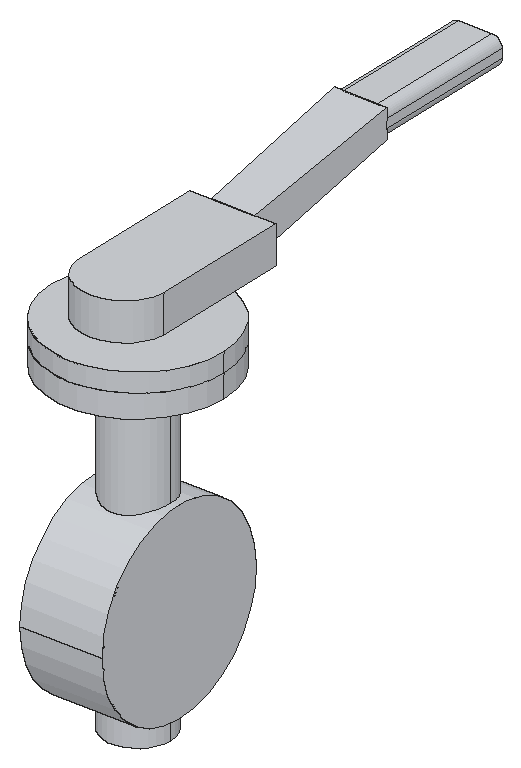
Revit family "HS497-68_disk-nerez_s pákou DN050-RFA_2018", category Pipe Accessories, Revit 2018
Family settings
  Round Connector Dimension = Use Diameter
  Part Type = Valve - Breaks Into
  Work Plane-Based = No
  Always vertical = Yes
  Cut with Voids When Loaded = No
  Shared = No
Parameters (values of type "HS 497-68_DN050_PN16_s pákou")
  magiProductId = "dabc632061f94877a994b9b4e68112"
  magiProductFamilyId = "53cea81e6f374d17b8841d9c72ad77"
  magiPartTypeId = 305
  isMeasuringValve [instance] = no
  ang2D [instance] = 0.00°
  X11 = 61.456 mm
  X1 = 25.456 mm
  W2D = 1000 mm
  VersionID = "2.0/2017.9.26.1/ZETKAMA_497_001"
  Use Minimum Symbol Size [instance] = yes
  URL = "http://www.hydronic.cz"
  Type Comments = "mezipřírubová; nerezový disk; PN16; -10~+110°C (krátkodobě +120°C)"
  SW30 = no
  SW3 = no
  SW21 = no
  SW20 = yes
  SW2 = yes
  SW1 = no
  R = 25 mm
  QmdConnectorList = "301;D;302;D"
  Productdata [instance] = ""
  NC = 50 mm
  Manufacturer = "Hydronic Systems Prague s.r.o."
  MM20 = 25.456 mm
  MC Product Code = "121 050 (nerezový disk, s pákou; DN50; PN16, kvs98)"
  M41 = 66 mm
  M4 = 44 mm
  LHL = 220 mm
  LHH3 = 2.45 mm
  LHH1 = 46.55 mm
  LH1 = 73.333 mm
  L4R__ve = -L4R  # -12.8 mm
  L4R = 12.8 mm
  L42__ve = -L42  # -96 mm
  L42 = 96 mm
  L41__ve = -L41  # -19.2 mm
  L41 = 19.2 mm
  L2D_Min = 3048 mm
  L2D = 216 mm
  L2 = 21.5 mm
  L1 = 34.4 mm
  L = 43 mm
  H = 30 mm
  G22 = 11.25 mm
  G2 = 22.5 mm
  G1 = 90 mm
  G = 90 mm
  F = 11 mm
  E44 = 31.25 mm
  E42 = 62.5 mm
  E4 = 125 mm
  E23 = 4.9 mm
  E22 = 19.6 mm
  E21 = 9.8 mm
  Description = "Mezipřírubová uzavírací klapka s pákou; nerezový disk, DN50; PN16; kvs98"
  DR2 = 25 mm
  DR = 100 mm
  DD1 = 15.625 mm
  DD = 12.5 mm
  D = 50 mm
  CAT0 = yes
  B2__ve = -B2  # -36.5 mm
  B2 = 36.5 mm
  A2 = 12 mm
  A1 = 83 mm
Types (43, lengths in mm): name | magiProductId | X11 | X1 | Type Comments | SW30 | SW3 | SW20 | SW2 | SW1 | R | NC | Manufacturer | MM20 | MC Product Code | M41 | M4 | LHL | LHH3 | LHH1 | LH1 | L4R__ve | L4R | L42__ve | L42 | L41__ve | L41 | L2 | L1 | L | H | G | F | E44 | E42 | E4 | E23 | E22 | E21 | Description | DR2 | DR | DD1 | DD | D | B2__ve | B2 | A2 | A1
  HS 497-68_DN100_PN16_volné vřeteno | "65d1b245f4f142c78569c0602d5754" | 61.456 | 25.456 | "mezipřírubová; nerezový disk; PN16; -10~+110°C (krátkodobě +120°C)" | no | no | no | no | yes | 50 | 50 | "Hydronic Systems Prague s.r.o." | 25.456 | "124 100 (nerezový disk, s volným vřetenem; DN100; PN16, kvs512)" | 66 | 44 | 220 | 2.45 | 46.55 | 73.333 | -12.8 | 12.8 | -96 | 96 | -19.2 | 19.2 | 26 | 41.6 | 52 | 30 | 90 | 11 | 31.25 | 62.5 | 125 | 4.9 | 19.6 | 9.8 | "Mezipřírubová uzavírací klapka s volným vřetenem; nerezový disk, DN100; PN16; kvs512" | 50 | 147 | 15.625 | 12.5 | 100 | -56 | 56 | 16.5 | 98.5
  HS 497-68_DN100_PN16_převodové kolo | "11e91b807e674d428c8e796fcdcfe2" | 61.456 | 25.456 | "mezipřírubová; nerezový disk; PN16; -10~+110°C (krátkodobě +120°C)" | yes | yes | no | no | no | 50 | 50 | "Hydronic Systems Prague s.r.o." | 25.456 | "126 100 (nerezový disk, s převodovým kolem; DN100; PN16, kvs512)" | 65.25 | 43.5 | 220 | 2.45 | 46.55 | 73.333 | -12.8 | 12.8 | -96 | 96 | -19.2 | 19.2 | 26 | 41.6 | 52 | 30 | 90 | 11 | 31.25 | 62.5 | 125 | 4.9 | 19.6 | 9.8 | "Mezipřírubová uzavírací klapka s převodovým kolem; nerezový disk, DN100; PN16; kvs512" | 50 | 147 | 15.625 | 12.5 | 100 | -56 | 56 | 16.5 | 98.5
  HS 497-68_DN100_PN16_s pákou | "28172f0b3f4b47b28323ac71cf8749" | 61.456 | 25.456 | "mezipřírubová; nerezový disk; PN16; -10~+110°C (krátkodobě +120°C)" | no | no | yes | yes | no | 50 | 50 | "Hydronic Systems Prague s.r.o." | 25.456 | "121 100 (nerezový disk, s pákou; DN100; PN16, kvs512)" | 66 | 44 | 260 | 3 | 57 | 86.667 | -12.8 | 12.8 | -96 | 96 | -19.2 | 19.2 | 26 | 41.6 | 52 | 30 | 90 | 11 | 31.25 | 62.5 | 125 | 6 | 24 | 12 | "Mezipřírubová uzavírací klapka s pákou; nerezový disk, DN100; PN16; kvs512" | 50 | 147 | 15.625 | 12.5 | 100 | -56 | 56 | 16.5 | 98.5
  HS 497-68_DN125_PN16_volné vřeteno | "0d813d910fc14f628bb3c2efbd185c" | 61.456 | 25.456 | "mezipřírubová; nerezový disk; PN16; -10~+110°C (krátkodobě +120°C)" | no | no | no | no | yes | 62.5 | 50 | "Hydronic Systems Prague s.r.o." | 25.456 | "124 125 (nerezový disk, s volným vřetenem; DN125; PN16, kvs872)" | 66 | 44 | 220 | 2.45 | 46.55 | 73.333 | -12.8 | 12.8 | -96 | 96 | -19.2 | 19.2 | 28 | 44.8 | 56 | 33 | 90 | 14 | 31.25 | 62.5 | 125 | 4.9 | 19.6 | 9.8 | "Mezipřírubová uzavírací klapka s volným vřetenem; nerezový disk, DN125; PN16; kvs872" | 62.5 | 180 | 15.625 | 12.5 | 125 | -64 | 64 | 18 | 99.5
  HS 497-68_DN125_PN16_převodové kolo | "c56b7c13f372467684996fb1e0e229" | 61.456 | 25.456 | "mezipřírubová; nerezový disk; PN16; -10~+110°C (krátkodobě +120°C)" | yes | yes | no | no | no | 62.5 | 50 | "Hydronic Systems Prague s.r.o." | 25.456 | "126125 (nerezový disk, s převodovým kolem; DN125; PN16, kvs872)" | 65.25 | 43.5 | 220 | 2.45 | 46.55 | 73.333 | -13.5 | 13.5 | -101.25 | 101.25 | -20.25 | 20.25 | 28 | 44.8 | 56 | 33 | 90 | 14 | 40 | 80 | 160 | 4.9 | 19.6 | 9.8 | "Mezipřírubová uzavírací klapka s převodovým kolem; nerezový disk, DN125; PN16; kvs872" | 62.5 | 180 | 20 | 16 | 125 | -64 | 64 | 18 | 99.5
  HS 497-68_DN125_PN16_s pákou | "105993c79a91492399feef7931321a" | 61.456 | 25.456 | "mezipřírubová; nerezový disk; PN16; -10~+110°C (krátkodobě +120°C)" | no | no | yes | yes | no | 62.5 | 50 | "Hydronic Systems Prague s.r.o." | 25.456 | "121 125 (nerezový disk, s pákou; DN125; PN16, kvs872)" | 66 | 44 | 315 | 3.75 | 71.25 | 105 | -12.8 | 12.8 | -96 | 96 | -19.2 | 19.2 | 28 | 44.8 | 56 | 33 | 90 | 14 | 31.25 | 62.5 | 125 | 7.5 | 30 | 15 | "Mezipřírubová uzavírací klapka s pákou; nerezový disk, DN125; PN16; kvs872" | 62.5 | 180 | 15.625 | 12.5 | 125 | -64 | 64 | 18 | 99.5
  HS 497-68_DN150_PN16_volné vřeteno | "50c80cb8ab434f55ab7796e5ac1331" | 61.456 | 25.456 | "mezipřírubová; nerezový disk; PN16; -10~+110°C (krátkodobě +120°C)" | no | no | no | no | yes | 75 | 50 | "Hydronic Systems Prague s.r.o." | 25.456 | "124 150 (nerezový disk, s volným vřetenem; DN150; PN16, kvs1347)" | 66 | 44 | 220 | 2.45 | 46.55 | 73.333 | -12.8 | 12.8 | -96 | 96 | -19.2 | 19.2 | 28 | 44.8 | 56 | 33 | 90 | 14 | 31.25 | 62.5 | 125 | 4.9 | 19.6 | 9.8 | "Mezipřírubová uzavírací klapka s volným vřetenem; nerezový disk, DN150; PN16; kvs1347" | 75 | 206 | 15.625 | 12.5 | 150 | -58 | 58 | 19.3 | 98.7
  HS 497-68_DN150_PN16_převodové kolo | "d94a1a0cf83b476eb10011b327f709" | 61.456 | 25.456 | "mezipřírubová; nerezový disk; PN16; -10~+110°C (krátkodobě +120°C)" | yes | yes | no | no | no | 75 | 50 | "Hydronic Systems Prague s.r.o." | 25.456 | "126 150 (nerezový disk, s převodovým kolem; DN150; PN16, kvs1347)" | 65.25 | 43.5 | 220 | 2.45 | 46.55 | 73.333 | -13.5 | 13.5 | -101.25 | 101.25 | -20.25 | 20.25 | 28 | 44.8 | 56 | 33 | 90 | 14 | 40 | 80 | 160 | 4.9 | 19.6 | 9.8 | "Mezipřírubová uzavírací klapka s převodovým kolem; nerezový disk, DN150; PN16; kvs1347" | 75 | 206 | 20 | 16 | 150 | -58 | 58 | 19.3 | 98.7
  HS 497-68_DN150_PN16_s pákou | "4d2835523fe84828bc50ff0a5a0dfb" | 61.456 | 25.456 | "mezipřírubová; nerezový disk; PN16; -10~+110°C (krátkodobě +120°C)" | no | no | yes | yes | no | 75 | 50 | "Hydronic Systems Prague s.r.o." | 25.456 | "121 150 (nerezový disk, s pákou; DN150; PN16, kvs1347)" | 66 | 44 | 315 | 3.75 | 71.25 | 105 | -12.8 | 12.8 | -96 | 96 | -19.2 | 19.2 | 28 | 44.8 | 56 | 33 | 90 | 14 | 31.25 | 62.5 | 125 | 7.5 | 30 | 15 | "Mezipřírubová uzavírací klapka s pákou; nerezový disk, DN150; PN16; kvs1347" | 75 | 206 | 15.625 | 12.5 | 150 | -58 | 58 | 19.3 | 98.7
  HS 497-68_DN200_PN16_volné vřeteno | "5b29029eaeba47139ee1055a4b9201" | 61.456 | 25.456 | "mezipřírubová; nerezový disk; PN16; -10~+110°C (krátkodobě +120°C)" | no | no | no | no | yes | 100 | 50 | "Hydronic Systems Prague s.r.o." | 25.456 | "124 200 (nerezový disk, s volným vřetenem; DN200; PN16, kvs2675)" | 66 | 44 | 220 | 2.45 | 46.55 | 73.333 | -12.8 | 12.8 | -96 | 96 | -19.2 | 19.2 | 30 | 48 | 60 | 33 | 90 | 17 | 31.25 | 62.5 | 125 | 4.9 | 19.6 | 9.8 | "Mezipřírubová uzavírací klapka s volným vřetenem; nerezový disk, DN200; PN16; kvs2675" | 100 | 257 | 15.625 | 12.5 | 200 | -70 | 70 | 22.5 | 102.5
  HS 497-68_DN200_PN16_převodové kolo | "b2793cc1fcc44cf2a35062cd67c04f" | 61.456 | 25.456 | "mezipřírubová; nerezový disk; PN16; -10~+110°C (krátkodobě +120°C)" | yes | yes | no | no | no | 100 | 57 | "Hydronic Systems Prague s.r.o." | 25.456 | "126 200 (nerezový disk, s převodovým kolem; DN200; PN16, kvs2675)" | 78.75 | 52.5 | 220 | 2.45 | 46.55 | 73.333 | -15.2 | 15.2 | -114 | 114 | -22.8 | 22.8 | 30 | 48 | 60 | 33 | 90 | 17 | 50 | 100 | 200 | 4.9 | 19.6 | 9.8 | "Mezipřírubová uzavírací klapka s převodovým kolem; nerezový disk, DN200; PN16; kvs2675" | 100 | 257 | 25 | 20 | 200 | -70 | 70 | 22.5 | 102.5
  HS 497-68_DN200_PN16_s pákou | "f88d96c7af224537a51e72d7d8fffe" | 61.456 | 25.456 | "mezipřírubová; nerezový disk; PN16; -10~+110°C (krátkodobě +120°C)" | no | no | yes | yes | no | 100 | 50 | "Hydronic Systems Prague s.r.o." | 25.456 | "121 200 (nerezový disk, s pákou; DN200; PN16, kvs2675)" | 66 | 44 | 315 | 3.75 | 71.25 | 105 | -12.8 | 12.8 | -96 | 96 | -19.2 | 19.2 | 30 | 48 | 60 | 33 | 90 | 17 | 31.25 | 62.5 | 125 | 7.5 | 30 | 15 | "Mezipřírubová uzavírací klapka s pákou; nerezový disk, DN200; PN16; kvs2675" | 100 | 257 | 15.625 | 12.5 | 200 | -70 | 70 | 22.5 | 102.5
  HS 497-68_DN250_PN16_volné vřeteno | "b662e8305ca2402b9c510e66e6aa55" | 88.77 | 36.77 | "mezipřírubová; nerezový disk; PN16; -10~+110°C (krátkodobě +120°C)" | no | no | no | no | yes | 125 | 50 | "Hydronic Systems Prague s.r.o." | 36.77 | "124 250 (nerezový disk, s volným vřetenem; DN250; PN16, kvs4555)" | 66 | 44 | 220 | 2.45 | 46.55 | 73.333 | -12.8 | 12.8 | -96 | 96 | -19.2 | 19.2 | 34 | 54.4 | 68 | 23 | 130 | 22 | 31.25 | 62.5 | 125 | 4.9 | 19.6 | 9.8 | "Mezipřírubová uzavírací klapka s volným vřetenem; nerezový disk, DN250; PN16; kvs4555" | 125 | 324 | 15.625 | 12.5 | 250 | -85 | 85 | 28.25 | 129.25
  HS 497-68_DN250_PN16_převodové kolo | "5ee9016806664ddfaa2632711f295c" | 88.77 | 36.77 | "mezipřírubová; nerezový disk; PN16; -10~+110°C (krátkodobě +120°C)" | yes | yes | no | no | no | 125 | 70 | "Hydronic Systems Prague s.r.o." | 36.77 | "126 250 (nerezový disk, s převodovým kolem; DN250; PN16, kvs4555)" | 91.5 | 61 | 220 | 2.45 | 46.55 | 73.333 | -22.2 | 22.2 | -166.5 | 166.5 | -33.3 | 33.3 | 34 | 54.4 | 68 | 23 | 130 | 22 | 62.5 | 125 | 250 | 4.9 | 19.6 | 9.8 | "Mezipřírubová uzavírací klapka s převodovým kolem; nerezový disk, DN250; PN16; kvs4555" | 125 | 324 | 31.25 | 25 | 250 | -85 | 85 | 28.25 | 129.25
  HS 497-68_DN300_PN16_volné vřeteno | "e1886f51ff004380a649519258edf2" | 88.77 | 36.77 | "mezipřírubová; nerezový disk; PN16; -10~+110°C (krátkodobě +120°C)" | no | no | no | no | yes | 150 | 50 | "Hydronic Systems Prague s.r.o." | 36.77 | "124 300 (nerezový disk, s volným vřetenem; DN300; PN16, kvs7037)" | 66 | 44 | 220 | 2.45 | 46.55 | 73.333 | -12.8 | 12.8 | -96 | 96 | -19.2 | 19.2 | 39 | 62.4 | 78 | 23 | 130 | 22 | 31.25 | 62.5 | 125 | 4.9 | 19.6 | 9.8 | "Mezipřírubová uzavírací klapka s volným vřetenem; nerezový disk, DN300; PN16; kvs7037" | 150 | 376 | 15.625 | 12.5 | 300 | -90 | 90 | 30.8 | 127.2
  HS 497-68_DN300_PN16_převodové kolo | "6860f094f77d42088fbebc3c97f755" | 88.77 | 36.77 | "mezipřírubová; nerezový disk; PN16; -10~+110°C (krátkodobě +120°C)" | yes | yes | no | no | no | 150 | 70 | "Hydronic Systems Prague s.r.o." | 36.77 | "126 300 (nerezový disk, s převodovým kolem; DN300; PN16, kvs7037)" | 91.5 | 61 | 220 | 2.45 | 46.55 | 73.333 | -22.2 | 22.2 | -166.5 | 166.5 | -33.3 | 33.3 | 39 | 62.4 | 78 | 23 | 130 | 22 | 62.5 | 125 | 250 | 4.9 | 19.6 | 9.8 | "Mezipřírubová uzavírací klapka s převodovým kolem; nerezový disk, DN300; PN16; kvs7037" | 150 | 376 | 31.25 | 25 | 300 | -90 | 90 | 30.8 | 127.2
  HS 497-68_DN032_PN16_volné vřeteno | "8c5f65de52aa4067a77564107e31b2" | 61.456 | 25.456 | "mezipřírubová; nerezový disk; PN16; -10~+110°C (krátkodobě +120°C)" | no | no | no | no | yes | 16 | 50 | "Hydronic Systems Prague s.r.o." | 25.456 | "124 032 (nerezový disk, s volným vřetenem; DN32; PN16, kvs78)" | 66 | 44 | 220 | 2.45 | 46.55 | 73.333 | -12.8 | 12.8 | -96 | 96 | -19.2 | 19.2 | 16.5 | 26.4 | 33 | 30 | 90 | 11 | 31.25 | 62.5 | 125 | 4.9 | 19.6 | 9.8 | "Mezipřírubová uzavírací klapka s volným vřetenem; nerezový disk, DN32; PN16; kvs78" | 16 | 68 | 15.625 | 12.5 | 32 | -44.2 | 44.2 | 10.25 | 76.25
  HS 497-68_DN032_PN16_převodové kolo | "60aaeffa8b3a4e809ef000e4660060" | 61.456 | 25.456 | "mezipřírubová; nerezový disk; PN16; -10~+110°C (krátkodobě +120°C)" | yes | yes | no | no | no | 16 | 50 | "Hydronic Systems Prague s.r.o." | 25.456 | "126 032 (nerezový disk, s převodovým kolem; DN32; PN16, kvs78)" | 65.25 | 43.5 | 220 | 2.45 | 46.55 | 73.333 | -12.8 | 12.8 | -96 | 96 | -19.2 | 19.2 | 16.5 | 26.4 | 33 | 30 | 90 | 11 | 31.25 | 62.5 | 125 | 4.9 | 19.6 | 9.8 | "Mezipřírubová uzavírací klapka s převodovým kolem; nerezový disk, DN32; PN16; kvs78" | 16 | 68 | 15.625 | 12.5 | 32 | -44.2 | 44.2 | 10.25 | 76.25
  HS 497-68_DN032_PN16_s pákou | "9ad8088d610749a1b871aa2aad8007" | 61.456 | 25.456 | "mezipřírubová; nerezový disk; PN16; -10~+110°C (krátkodobě +120°C)" | no | no | yes | yes | no | 16 | 50 | "Hydronic Systems Prague s.r.o." | 25.456 | "121 032 (nerezový disk, s pákou; DN32; PN16, kvs78)" | 66 | 44 | 220 | 2.45 | 46.55 | 73.333 | -12.8 | 12.8 | -96 | 96 | -19.2 | 19.2 | 16.5 | 26.4 | 33 | 30 | 90 | 11 | 31.25 | 62.5 | 125 | 4.9 | 19.6 | 9.8 | "Mezipřírubová uzavírací klapka s pákou; nerezový disk, DN32; PN16; kvs78" | 16 | 68 | 15.625 | 12.5 | 32 | -44.2 | 44.2 | 10.25 | 76.25
  HS 497-68_DN350_PN10_volné vřeteno | "72a1e05f22944421b7e9596a877137" | 109.255 | 45.255 | "mezipřírubová; nerezový disk; PN10; -10~+110°C (krátkodobě +120°C)" | no | no | no | no | yes | 175 | 50 | "Hydronic Systems Prague s.r.o." | 45.255 | "124 350 (nerezový disk, s volným vřetenem; DN350; PN10, kvs10165)" | 66 | 44 | 220 | 2.45 | 46.55 | 73.333 | -12.8 | 12.8 | -96 | 96 | -19.2 | 19.2 | 39 | 62.4 | 78 | 31 | 160 | 22 | 31.25 | 62.5 | 125 | 4.9 | 19.6 | 9.8 | "Mezipřírubová uzavírací klapka s volným vřetenem; nerezový disk, DN350; PN10; kvs10165" | 175 | 430 | 15.625 | 12.5 | 350 | -88 | 88 | 33.85 | 129.65
  HS 497-68_DN350_PN10_převodové kolo | "a5a01426cb28494ba3afca92f1dace" | 109.255 | 45.255 | "mezipřírubová; nerezový disk; PN10; -10~+110°C (krátkodobě +120°C)" | yes | yes | no | no | no | 175 | 70 | "Hydronic Systems Prague s.r.o." | 45.255 | "126 350 (nerezový disk, s převodovým kolem; DN350; PN10, kvs10165)" | 91.5 | 61 | 220 | 2.45 | 46.55 | 73.333 | -22.2 | 22.2 | -166.5 | 166.5 | -33.3 | 33.3 | 39 | 62.4 | 78 | 31 | 160 | 22 | 62.5 | 125 | 250 | 4.9 | 19.6 | 9.8 | "Mezipřírubová uzavírací klapka s převodovým kolem; nerezový disk, DN350; PN10; kvs10165" | 175 | 430 | 31.25 | 25 | 350 | -88 | 88 | 33.85 | 129.65
  HS 497-68_DN400_PN10_volné vřeteno | "c70ebeb927c04ab99b176e257ad0a7" | 109.255 | 45.255 | "mezipřírubová; nerezový disk; PN10; -10~+110°C (krátkodobě +120°C)" | no | no | no | no | yes | 200 | 50 | "Hydronic Systems Prague s.r.o." | 45.255 | "124 400 (nerezový disk, s volným vřetenem; DN400; PN10, kvs13799)" | 66 | 44 | 220 | 2.45 | 46.55 | 73.333 | -12.8 | 12.8 | -96 | 96 | -19.2 | 19.2 | 51 | 81.6 | 102 | 31 | 160 | 27 | 31.25 | 62.5 | 125 | 4.9 | 19.6 | 9.8 | "Mezipřírubová uzavírací klapka s volným vřetenem; nerezový disk, DN400; PN10; kvs13799" | 200 | 485 | 15.625 | 12.5 | 400 | -108 | 108 | 38 | 142
  HS 497-68_DN400_PN10_převodové kolo | "cc64a4384dcb41b780d81810f4f293" | 109.255 | 45.255 | "mezipřírubová; nerezový disk; PN10; -10~+110°C (krátkodobě +120°C)" | yes | yes | no | no | no | 200 | 72.5 | "Hydronic Systems Prague s.r.o." | 45.255 | "126 400 (nerezový disk, s převodovým kolem; DN400; PN10, kvs13799)" | 103.5 | 69 | 220 | 2.45 | 46.55 | 73.333 | -27.8 | 27.8 | -208.5 | 208.5 | -41.7 | 41.7 | 51 | 81.6 | 102 | 31 | 160 | 27 | 75 | 150 | 300 | 4.9 | 19.6 | 9.8 | "Mezipřírubová uzavírací klapka s převodovým kolem; nerezový disk, DN400; PN10; kvs13799" | 200 | 485 | 37.5 | 30 | 400 | -108 | 108 | 38 | 142
  HS 497-68_DN040_PN16_volné vřeteno | "35f92312390745e88df5b5c325d9ee" | 61.456 | 25.456 | "mezipřírubová; nerezový disk; PN16; -10~+110°C (krátkodobě +120°C)" | no | no | no | no | yes | 20 | 50 | "Hydronic Systems Prague s.r.o." | 25.456 | "124 040 (nerezový disk, s volným vřetenem; DN40; PN16, kvs78)" | 66 | 44 | 220 | 2.45 | 46.55 | 73.333 | -12.8 | 12.8 | -96 | 96 | -19.2 | 19.2 | 16.5 | 26.4 | 33 | 30 | 90 | 11 | 31.25 | 62.5 | 125 | 4.9 | 19.6 | 9.8 | "Mezipřírubová uzavírací klapka s volným vřetenem; nerezový disk, DN40; PN16; kvs78" | 20 | 76 | 15.625 | 12.5 | 40 | -36 | 36 | 11 | 79
  HS 497-68_DN040_PN16_převodové kolo | "d88e968eae3445bc9b7b4e6ff35127" | 61.456 | 25.456 | "mezipřírubová; nerezový disk; PN16; -10~+110°C (krátkodobě +120°C)" | yes | yes | no | no | no | 20 | 50 | "Hydronic Systems Prague s.r.o." | 25.456 | "126 040 (nerezový disk, s převodovým kolem; DN40; PN16, kvs78)" | 65.25 | 43.5 | 220 | 2.45 | 46.55 | 73.333 | -12.8 | 12.8 | -96 | 96 | -19.2 | 19.2 | 16.5 | 26.4 | 33 | 30 | 90 | 11 | 31.25 | 62.5 | 125 | 4.9 | 19.6 | 9.8 | "Mezipřírubová uzavírací klapka s převodovým kolem; nerezový disk, DN40; PN16; kvs78" | 20 | 76 | 15.625 | 12.5 | 40 | -36 | 36 | 11 | 79
  HS 497-68_DN040_PN16_s pákou | "c1b522ca65b4407a98818f232eaacb" | 61.456 | 25.456 | "mezipřírubová; nerezový disk; PN16; -10~+110°C (krátkodobě +120°C)" | no | no | yes | yes | no | 20 | 50 | "Hydronic Systems Prague s.r.o." | 25.456 | "121 040 (nerezový disk, s pákou; DN40; PN16, kvs78)" | 66 | 44 | 220 | 2.45 | 46.55 | 73.333 | -12.8 | 12.8 | -96 | 96 | -19.2 | 19.2 | 16.5 | 26.4 | 33 | 30 | 90 | 11 | 31.25 | 62.5 | 125 | 4.9 | 19.6 | 9.8 | "Mezipřírubová uzavírací klapka s pákou; nerezový disk, DN40; PN16; kvs78" | 20 | 76 | 15.625 | 12.5 | 40 | -36 | 36 | 11 | 79
  HS 497-68_DN450_PN10_volné vřeteno | "a8358bc282f14872b3194e530e590a" | 129.74 | 53.74 | "mezipřírubová; nerezový disk; PN10; -10~+110°C (krátkodobě +120°C)" | no | no | no | no | yes | 225 | 50 | "Hydronic Systems Prague s.r.o." | 53.74 | "124 450 (nerezový disk, s volným vřetenem; DN450; PN10, kvs18514)" | 66 | 44 | 220 | 2.45 | 46.55 | 73.333 | -12.8 | 12.8 | -96 | 96 | -19.2 | 19.2 | 57 | 91.2 | 114 | 38 | 190 | 36 | 31.25 | 62.5 | 125 | 4.9 | 19.6 | 9.8 | "Mezipřírubová uzavírací klapka s volným vřetenem; nerezový, DN450; PN10; kvs18514" | 225 | 536 | 15.625 | 12.5 | 450 | -115 | 115 | 38.05 | 117.45
  HS 497-68_DN450_PN10_převodové kolo | "cdf2d80f54a9414f9cbe50647c0ebd" | 129.74 | 53.74 | "mezipřírubová; nerezový disk; PN10; -10~+110°C (krátkodobě +120°C)" | yes | yes | no | no | no | 225 | 91.5 | "Zetkama" | 53.74 | "126 450 (nerezový disk, s převodovým kolem; DN450; PN10, kvs18514)" | 144.75 | 96.5 | 220 | 2.45 | 46.55 | 73.333 | -32.1 | 32.1 | -240.75 | 240.75 | -48.15 | 48.15 | 57 | 91.2 | 114 | 38 | 190 | 36 | 100 | 200 | 400 | 4.9 | 19.6 | 9.8 | "Mezipřírubová uzavírací klapka s převodovým kolem; nerezový disk, DN450; PN10; kvs18514" | 225 | 536 | 50 | 40 | 450 | -115 | 115 | 38.05 | 117.45
  HS 497-68_DN500_PN10_volné vřeteno | "8c396e27bb2743f98f3c762b6517cd" | 143.397 | 59.397 | "mezipřírubová; nerezový disk; PN10; -10~+110°C (krátkodobě +120°C)" | no | no | no | no | yes | 250 | 50 | "Hydronic Systems Prague s.r.o." | 59.397 | "124 500 (nerezový disk, s volným vřetenem; DN500; PN10, kvs23805)" | 66 | 44 | 220 | 2.45 | 46.55 | 73.333 | -12.8 | 12.8 | -96 | 96 | -19.2 | 19.2 | 63.5 | 101.6 | 127 | 38 | 210 | 36 | 31.25 | 62.5 | 125 | 4.9 | 19.6 | 9.8 | "Mezipřírubová uzavírací klapka s volným vřetenem; nerezový disk, DN500; PN10; kvs23805" | 250 | 593 | 15.625 | 12.5 | 500 | -130 | 130 | 43.25 | 139.25
  HS 497-68_DN500_PN10_převodové kolo | "7647804f32e94cef828a7034a91a46" | 143.397 | 59.397 | "mezipřírubová; nerezový disk; PN10; -10~+110°C (krátkodobě +120°C)" | yes | yes | no | no | no | 250 | 91.5 | "Zetkama" | 59.397 | "126 500 (nerezový disk, s převodovým kolem; DN500; PN10, kvs23805)" | 144.75 | 96.5 | 220 | 2.45 | 46.55 | 73.333 | -32.1 | 32.1 | -240.75 | 240.75 | -48.15 | 48.15 | 63.5 | 101.6 | 127 | 38 | 210 | 36 | 100 | 200 | 400 | 4.9 | 19.6 | 9.8 | "Mezipřírubová uzavírací klapka s převodovým kolem; nerezový disk, DN500; PN10; kvs23805" | 250 | 593 | 50 | 40 | 500 | -130 | 130 | 43.25 | 139.25
  HS 497-68_DN050_volné vřeteno | "d71f296ecd6d4adf8f6e5d9853b4e0" | 61.456 | 25.456 | "mezipřírubová; nerezový disk; PN16; -10~+110°C (krátkodobě +120°C)" | no | no | no | no | yes | 25 | 50 | "Hydronic Systems Prague s.r.o." | 25.456 | "124 050 (nerezový disk, s volným vřetenem; DN50; PN16, kvs98)" | 66 | 44 | 220 | 2.45 | 46.55 | 73.333 | -12.8 | 12.8 | -96 | 96 | -19.2 | 19.2 | 21.5 | 34.4 | 43 | 30 | 90 | 11 | 31.25 | 62.5 | 125 | 4.9 | 19.6 | 9.8 | "Mezipřírubová uzavírací klapka s volným vřetenem; nerezový disk, DN50; PN16; kvs98" | 25 | 100 | 15.625 | 12.5 | 50 | -36.5 | 36.5 | 12 | 83
  HS 497-68_DN050_PN16_převodové kolo | "2fb080deeaed49c58418b94c1da5a4" | 61.456 | 25.456 | "mezipřírubová; nerezový disk; PN16; -10~+110°C (krátkodobě +120°C)" | yes | yes | no | no | no | 25 | 50 | "Hydronic Systems Prague s.r.o." | 25.456 | "126 050 (nerezový disk, s převodovým kolem; DN50; PN16, kvs98)" | 65.25 | 43.5 | 220 | 2.45 | 46.55 | 73.333 | -12.8 | 12.8 | -96 | 96 | -19.2 | 19.2 | 21.5 | 34.4 | 43 | 30 | 90 | 11 | 31.25 | 62.5 | 125 | 4.9 | 19.6 | 9.8 | "Mezipřírubová uzavírací klapka s převodovým kolem; nerezový disk, DN50; PN16; kvs98" | 25 | 100 | 15.625 | 12.5 | 50 | -36.5 | 36.5 | 12 | 83
  HS 497-68_DN050_PN16_s pákou | "dabc632061f94877a994b9b4e68112" | 61.456 | 25.456 | "mezipřírubová; nerezový disk; PN16; -10~+110°C (krátkodobě +120°C)" | no | no | yes | yes | no | 25 | 50 | "Hydronic Systems Prague s.r.o." | 25.456 | "121 050 (nerezový disk, s pákou; DN50; PN16, kvs98)" | 66 | 44 | 220 | 2.45 | 46.55 | 73.333 | -12.8 | 12.8 | -96 | 96 | -19.2 | 19.2 | 21.5 | 34.4 | 43 | 30 | 90 | 11 | 31.25 | 62.5 | 125 | 4.9 | 19.6 | 9.8 | "Mezipřírubová uzavírací klapka s pákou; nerezový disk, DN50; PN16; kvs98" | 25 | 100 | 15.625 | 12.5 | 50 | -36.5 | 36.5 | 12 | 83
  HS 497-68_DN600_PN10_volné vřeteno | "99d5892c14664fce81a7c5903f7711" | 143.397 | 59.397 | "mezipřírubová; nerezový disk; PN10; -10~+110°C (krátkodobě +120°C)" | no | no | no | no | yes | 300 | 50 | "Hydronic Systems Prague s.r.o." | 59.397 | "124 600 (nerezový disk, s volným vřetenem; DN600; PN10, kvs36778)" | 66 | 44 | 220 | 2.45 | 46.55 | 73.333 | -12.8 | 12.8 | -96 | 96 | -19.2 | 19.2 | 77 | 123.2 | 154 | 80 | 210 | 60 | 31.25 | 62.5 | 125 | 4.9 | 19.6 | 9.8 | "Mezipřírubová uzavírací klapka s volným vřetenem; nerezový disk, DN600; PN10; kvs36788" | 300 | 690 | 15.625 | 12.5 | 600 | -140 | 140 | 49.4 | 144.6
  HS 497-68_DN600_PN10_převodové kolo | "b1e26faab48a4c499f6bb11e7e3002" | 143.397 | 59.397 | "mezipřírubová; lnerezový disk; PN10; -10~+110°C (krátkodobě +120°C)" | yes | yes | no | no | no | 300 | 140 | "Hydronic Systems Prague s.r.o." | 59.397 | "126 600 (nerezový disk, s převodovým kolem; DN600; PN10, kvs36778)" | 206.25 | 137.5 | 220 | 2.45 | 46.55 | 73.333 | -40.8 | 40.8 | -306 | 306 | -61.2 | 61.2 | 77 | 123.2 | 154 | 80 | 210 | 60 | 125 | 250 | 500 | 4.9 | 19.6 | 9.8 | "Mezipřírubová uzavírací klapka s převodovým kolem; nerezový disk, DN600; PN10; kvs36788" | 300 | 690 | 62.5 | 50 | 600 | -140 | 140 | 49.4 | 144.6
  HS 497-68_DN065_PN16_volné vřeteno | "5e5e208646e34ec29f889baab5d08e" | 61.456 | 25.456 | "mezipřírubová; lnerezový disk; PN16; -10~+110°C (krátkodobě +120°C)" | no | no | no | no | yes | 32.5 | 50 | "Hydronic Systems Prague s.r.o." | 25.456 | "124 065 (nerezový disk, s volným vřetenem; DN65; PN16, kvs167)" | 66 | 44 | 220 | 2.45 | 46.55 | 73.333 | -12.8 | 12.8 | -96 | 96 | -19.2 | 19.2 | 23 | 36.8 | 46 | 30 | 90 | 11 | 31.25 | 62.5 | 125 | 4.9 | 19.6 | 9.8 | "Mezipřírubová uzavírací klapka s volným vřetenem; nerezový disk, DN65; PN16; kv167" | 32.5 | 108 | 15.625 | 12.5 | 65 | -36.5 | 36.5 | 13.5 | 89
  HS 497-68_DN065_PN16_převodové kolo | "654d74c8d15540b0bfe523d988ccb3" | 61.456 | 25.456 | "mezipřírubová; nerezový disk; PN16; -10~+110°C (krátkodobě +120°C)" | yes | yes | no | no | no | 32.5 | 50 | "Hydronic Systems Prague s.r.o." | 25.456 | "126 065 (nerezový disk, s převodovým kolem; DN65; PN16, kvs167)" | 65.25 | 43.5 | 220 | 2.45 | 46.55 | 73.333 | -12.8 | 12.8 | -96 | 96 | -19.2 | 19.2 | 23 | 36.8 | 46 | 30 | 90 | 11 | 31.25 | 62.5 | 125 | 4.9 | 19.6 | 9.8 | "Mezipřírubová uzavírací klapka s převodovým kolem; nerezový disk, DN65; PN16; kvs167" | 32.5 | 108 | 15.625 | 12.5 | 65 | -36.5 | 36.5 | 13.5 | 89
  HS 497-68_DN065_PN16_s pákou | "ebeb4b59db0641caaf6d6635ab37b9" | 61.456 | 25.456 | "mezipřírubová; nerezový disk; PN16; -10~+110°C (krátkodobě +120°C)" | no | no | yes | yes | no | 32.5 | 50 | "Hydronic Systems Prague s.r.o." | 25.456 | "121 065 (nerezový disk, s pákou; DN65; PN16, kvs167)" | 66 | 44 | 220 | 2.45 | 46.55 | 73.333 | -12.8 | 12.8 | -96 | 96 | -19.2 | 19.2 | 23 | 36.8 | 46 | 30 | 90 | 11 | 31.25 | 62.5 | 125 | 4.9 | 19.6 | 9.8 | "Mezipřírubová uzavírací klapka s pákou; nerezový disk, DN65; PN16; kvs167" | 32.5 | 108 | 15.625 | 12.5 | 65 | -36.5 | 36.5 | 13.5 | 89
  HS 497-68_DN080_PN16_volné vřeteno | "9e85c75c18654e1185a9c48ed6b00e" | 61.456 | 25.456 | "mezipřírubová; nerezový disk; PN16; -10~+110°C (krátkodobě +120°C)" | no | no | no | no | yes | 40 | 50 | "Hydronic Systems Prague s.r.o." | 25.456 | "124 080 (nerezový disk, s volným vřetenem; DN80; PN16, kvs258)" | 66 | 44 | 220 | 2.45 | 46.55 | 73.333 | -12.8 | 12.8 | -96 | 96 | -19.2 | 19.2 | 23 | 36.8 | 46 | 30 | 90 | 11 | 31.25 | 62.5 | 125 | 4.9 | 19.6 | 9.8 | "Mezipřírubová uzavírací klapka s volným vřetenem; nerezový disk, DN80; PN16; kvs258" | 40 | 124 | 15.625 | 12.5 | 80 | -54 | 54 | 14.1 | 86.9
  HS 497-68_DN080_PN16_převodové kolo | "5b3c8238c3d041e68c75b199e7ea46" | 61.456 | 25.456 | "mezipřírubová; nerezový disk; PN16; -10~+110°C (krátkodobě +120°C)" | yes | yes | no | no | no | 40 | 50 | "Hydronic Systems Prague s.r.o." | 25.456 | "126 080 (nerezový disk, s převodovým kolem; DN80; PN16, kvs258)" | 65.25 | 43.5 | 220 | 2.45 | 46.55 | 73.333 | -12.8 | 12.8 | -96 | 96 | -19.2 | 19.2 | 23 | 36.8 | 46 | 30 | 90 | 11 | 31.25 | 62.5 | 125 | 4.9 | 19.6 | 9.8 | "Mezipřírubová uzavírací klapka s převodovým kolem; nerezový disk, DN80; PN16; kvs258" | 40 | 124 | 15.625 | 12.5 | 80 | -54 | 54 | 14.1 | 86.9
  HS 497-68_DN080_PN16_s pákou | "e414795fab0f4eccb99bc3572c5477" | 61.456 | 25.456 | "mezipřírubová; nerezový disk; PN16; -10~+110°C (krátkodobě +120°C)" | no | no | yes | yes | no | 40 | 50 | "Hydronic Systems Prague s.r.o." | 25.456 | "121 080 (nerezový disk, s pákou; DN80; PN16, kvs258)" | 66 | 44 | 260 | 3 | 57 | 86.667 | -12.8 | 12.8 | -96 | 96 | -19.2 | 19.2 | 23 | 36.8 | 46 | 30 | 90 | 11 | 31.25 | 62.5 | 125 | 6 | 24 | 12 | "Mezipřírubová uzavírací klapka s pákou; nerezový disk, DN80; PN16; kvs258" | 40 | 124 | 15.625 | 12.5 | 80 | -54 | 54 | 14.1 | 86.9
  HS 497-68_DN250_PN16_s pákou | "" | 88.77 | 36.77 | "mezipřírubová; nerezový disk; PN16; -10~+110°C (krátkodobě +120°C)" | no | no | yes | yes | no | 125 | 70 | "Hydronic Systems Prague s.r.o." | 36.77 | "121 250 (nerezový disk, s ákou; DN250; PN16, kvs4555)" | 91.5 | 61 | 220 | 2.45 | 46.55 | 73.333 | -22.2 | 22.2 | -166.5 | 166.5 | -33.3 | 33.3 | 34 | 54.4 | 68 | 23 | 130 | 22 | 62.5 | 125 | 250 | 4.9 | 19.6 | 9.8 | "Mezipřírubová uzavírací klapka s pákou; nerezový disk, DN250; PN16; kvs4555" | 125 | 324 | 31.25 | 25 | 250 | -85 | 85 | 28.25 | 129.25
  HS 497-68_DN300_PN16_s pákou | "" | 88.77 | 36.77 | "mezipřírubová; nerezový disk; PN16; -10~+110°C (krátkodobě +120°C)" | no | no | yes | yes | no | 150 | 70 | "Hydronic Systems Prague s.r.o." | 36.77 | "121 300 (nerezový disk, s pákou; DN300; PN16, kvs7037)" | 91.5 | 61 | 220 | 2.45 | 46.55 | 73.333 | -22.2 | 22.2 | -166.5 | 166.5 | -33.3 | 33.3 | 39 | 62.4 | 78 | 23 | 130 | 22 | 62.5 | 125 | 250 | 4.9 | 19.6 | 9.8 | "Mezipřírubová uzavírací klapka s pákou; nerezový disk, DN300; PN16; kvs7037" | 150 | 376 | 31.25 | 25 | 300 | -90 | 90 | 30.8 | 127.2
Reference planes
  plane 1 "Center (Front/Back)": y = 0
  plane 2 "XYPLANE": z = 0
  plane 3 "Center (Left/Right)": x = 0
  plane 4 "473": x = -25.456
  plane 5 "472": x = -66
  plane 6 "471": y = -25.456
  plane 7 "470": y = 25.456
  plane 8 "469": x = -44
  plane 9 "468": y = -115.2
  plane 10 "467": y = -96
  plane 11 "466": z = 151.25
  plane 12 "465": z = 166.55
  plane 13 "464": y = 145.417
  plane 14 "463": z = 156.75
  plane 15 "462": z = 139.6
  plane 16 "461": z = 149.4
  plane 17 "460": y = 72.083
  plane 18 "459": x = -11.25
  plane 19 "458": x = 11.25
  plane 20 "457": y = -6.25
  plane 21 "456": x = -17.5
  plane 22 "455": x = 17.5
  plane 23 "454": z = 154.3
  plane 24 "453": y = 62.083
  plane 25 "452": y = -11.25
  plane 26 "451": x = -22.5
  plane 27 "450": x = 22.5
  plane 28 "449": z = 134.7
  plane 29 "448": z = 129.8
  plane 30 "447": z = -25
  plane 31 "446": z = 120
  plane 32 "445": z = 108
  plane 33 "444": z = 25
  plane 34 "443": x = 21.5
  plane 35 "442": x = -21.5
  plane 36 "441": z = 0
  plane 37 "440": y = 0
  plane 38 "439": x = 0
  plane 39 "438": z = 169
  plane 40 "437": z = 154.3
  plane 41 "436": x = 13.7
  plane 42 "435": x = -13.7
  plane 43 "434": y = 220
Forms (mm)
  Extrusion 1, solid, visible <- "SW3"
    sketch origin (-750, 0, 120) x (1, 0, 0) y (0, 1, 0)
      loop
        line (684, 25.456) -> (684, -25.456) -> (724.544, -25.456)
        arc (724.544, -25.456) -> (786, 0) -> (724.544, 25.456) r 36
        line (724.544, 25.456) -> (684, 25.456)
    from 0 to 62.5 <- "E42"
  Extrusion 2, solid, visible <- "SW30"
    sketch origin (0, -750, 0) x (0, 1, 0) y (0, 0, 1)
      loop
        circle (750, 151.25) r 7.813
    from 0 to 50 <- "NC"
  Extrusion 3, solid, visible <- "SW30"
    sketch origin (750, -115.2, 0) x (-1, 0, 0) y (0, 0, 1)
      loop
        circle (794, 151.25) r 62.5
    from 0 to -12.8 <- "L4R__ve"
  Extrusion 4, solid, visible <- "SW3"
    sketch origin (750, -96, 0) x (-1, 0, 0) y (0, 0, 1)
      loop
        circle (794, 151.25) r 7.813
    from 0 to -19.2 <- "L41__ve"
  Extrusion 5, solid, visible <- "SW30"
    sketch origin (750, 0, 0) x (-1, 0, 0) y (0, 0, 1)
      loop
        circle (794, 151.25) r 6.25
    from 0 to -96 <- "L42__ve"
  Blend 6, solid, visible <- "SW21"
    base sketch origin (750, 72.083, 0) x (-1, 0, 0) y (0, 0, 1)
      loop
        line (761.25, 149.4) -> (738.75, 149.4) -> (738.75, 139.6) -> (761.25, 139.6) -> (761.25, 149.4)
    top sketch origin (750, 72.083, 0) x (-1, 0, 0) y (0, 0, 1)
      loop
        line (761.25, 166.55) -> (738.75, 166.55) -> (738.75, 156.75) -> (761.25, 156.75) -> (761.25, 166.55)
    from 0 to 73.333
  Blend 7, solid, visible <- "SW21"
    base sketch origin (750, 62.083, 0) x (-1, 0, 0) y (0, 0, 1)
      loop
        line (761.25, 154.3) -> (738.75, 154.3) -> (738.75, 134.7) -> (761.25, 134.7) -> (761.25, 154.3)
    top sketch origin (750, 62.083, 0) x (-1, 0, 0) y (0, 0, 1)
      loop
        line (761.25, 149.4) -> (738.75, 149.4) -> (738.75, 139.6) -> (761.25, 139.6) -> (761.25, 149.4)
    from 0 to 10
  Blend 8, solid, visible <- "SW21"
    base sketch origin (-750, 0, 134.7) x (1, 0, 0) y (0, 1, 0)
      loop
        line (772.5, 62.083) -> (727.5, 62.083) -> (727.5, -11.25)
        arc (727.5, -11.25) -> (750, -31.25) -> (772.5, -11.25) r 22.656
        line (772.5, -11.25) -> (772.5, 62.083)
    top sketch origin (-750, 0, 134.7) x (1, 0, 0) y (0, 1, 0)
      loop
        line (767.5, 62.083) -> (732.5, 62.083) -> (732.5, -6.25)
        arc (732.5, -6.25) -> (750, -26.25) -> (767.5, -6.25) r 17.656
        line (767.5, -6.25) -> (767.5, 62.083)
    from 0 to 19.6
  Extrusion 9, solid, visible <- "SW2"
    sketch origin (-750, 0, 129.8) x (1, 0, 0) y (0, 1, 0)
      loop
        circle (750, 0) r 11.25
    from 0 to 4.9 <- "E23"
  Extrusion 10, solid, visible <- "SW2"
    sketch origin (-750, 0, 120) x (1, 0, 0) y (0, 1, 0)
      loop
        circle (750, 0) r 45
    from 0 to 9.8 <- "E21"
  Extrusion 11, solid, visible <- "CAT0"
    sketch origin (-750, 0, -25) x (1, 0, 0) y (0, 1, 0)
      loop
        circle (750, 0) r 17.2
    from 0 to -36.5 <- "B2__ve"
  Extrusion 12, solid, visible <- "CAT0"
    sketch origin (-750, 0, 108) x (1, 0, 0) y (0, 1, 0)
      loop
        circle (750, 0) r 45
    from 0 to 12 <- "A2"
  Extrusion 13, solid, visible <- "CAT0"
    sketch origin (-750, 0, 25) x (1, 0, 0) y (0, 1, 0)
      loop
        circle (750, 0) r 17.2
    from 0 to 83 <- "A1"
  Extrusion 14, solid, visible <- "CAT0"
    sketch origin (-21.5, -750, 0) x (0, 1, 0) y (0, 0, 1)
      loop
        circle (750, 0) r 50
    from 0 to 43 <- "L"
  Extrusion 15, solid, visible <- "SW1"
    sketch origin (-750, 0, 120) x (1, 0, 0) y (0, 1, 0)
      loop
        line (755.5, 5.5) -> (744.5, 5.5) -> (744.5, -5.5) -> (755.5, -5.5) -> (755.5, 5.5)
    from 0 to 30 <- "H"
  Blend 16, solid, visible <- "SW2"
    base sketch origin (750, 145.417, 0) x (-1, 0, 0) y (0, 0, 1)
      loop
        arc (763.7, 164) -> (762.236, 167.536) -> (758.7, 169) r 5
        line (758.7, 169) -> (741.3, 169)
        arc (741.3, 169) -> (737.764, 167.536) -> (736.3, 164) r 5
        line (736.3, 164) -> (736.3, 159.3)
        arc (736.3, 159.3) -> (737.764, 155.764) -> (741.3, 154.3) r 5
        line (741.3, 154.3) -> (758.7, 154.3)
        arc (758.7, 154.3) -> (762.236, 155.764) -> (763.7, 159.3) r 5
        line (763.7, 159.3) -> (763.7, 164)
    top sketch origin (750, 145.417, 0) x (-1, 0, 0) y (0, 0, 1)
      loop
        arc (763.7, 164) -> (762.236, 167.536) -> (758.7, 169) r 5
        line (758.7, 169) -> (741.3, 169)
        arc (741.3, 169) -> (737.764, 167.536) -> (736.3, 164) r 5
        line (736.3, 164) -> (736.3, 159.3)
        arc (736.3, 159.3) -> (737.764, 155.764) -> (741.3, 154.3) r 5
        line (741.3, 154.3) -> (758.7, 154.3)
        arc (758.7, 154.3) -> (762.236, 155.764) -> (763.7, 159.3) r 5
        line (763.7, 159.3) -> (763.7, 164)
    from 0 to 74.583
  Blend 17, solid, visible <- "SW20"
    base sketch origin (750, 145.417, 0) x (-1, 0, 0) y (0, 0, 1)
      loop
        line (763.7, 169) -> (736.3, 169) -> (736.3, 154.3) -> (763.7, 154.3) -> (763.7, 169)
    top sketch origin (750, 145.417, 0) x (-1, 0, 0) y (0, 0, 1)
      loop
        line (761.25, 154.3) -> (738.75, 154.3) -> (738.75, 134.7) -> (761.25, 134.7) -> (761.25, 154.3)
    from 0 to -83.333
  Extrusion 18, solid, visible <- "SW20"
    sketch origin (-750, 0, 134.7) x (1, 0, 0) y (0, 1, 0)
      loop
        line (772.5, 62.083) -> (727.5, 62.083) -> (727.5, -11.25)
        arc (727.5, -11.25) -> (750, -31.25) -> (772.5, -11.25) r 22.656
        line (772.5, -11.25) -> (772.5, 62.083)
    from 0 to 19.6 <- "E22"
  Extrusion 19, solid, not visible
    sketch origin (-21.5, -750, 0) x (0, 1, 0) y (0, 0, 1)
      loop
        circle (750, 0) r 10
    from 0 to 10
  Extrusion 20, solid, not visible
    sketch origin (21.5, -750, 0) x (0, 1, 0) y (0, 0, 1)
      loop
        circle (750, 0) r 10
    from 0 to -10
Lines and regions (mm)
  reference lines, not visible
    curve 1: circle (2, 2, 0) r 1 normal (0, 0, 1)
  reference lines
    curve 2: line (-25.456, -25.456, 120) -> (-25.456, 25.456, 120)
    curve 3: line (-17.5, -6.25, 134.7) -> (17.5, -6.25, 134.7)
    curve 4: line (-22.5, -11.25, 134.7) -> (22.5, -11.25, 134.7)
    curve 5: circle (0, 0, 120) r 1 normal (0, 0, 1)
    curve 6: line (-22.5, -11.25, 134.7) -> (22.5, -11.25, 134.7)
Dimensions and locks
  plane 1 "Center (Front/Back)" to curve 1 = 2 mm
  "X1": plane 3 "Center (Left/Right)" to plane 4 "473"
  "M41": plane 3 "Center (Left/Right)" to plane 5 "472"
  "MM20": plane 1 "Center (Front/Back)" to plane 6 "471"
  "MM20": plane 1 "Center (Front/Back)" to plane 7 "470"
  "M4": plane 3 "Center (Left/Right)" to plane 8 "469"
  "L41": plane 10 "467" to plane 9 "468"
  "L42": plane 1 "Center (Front/Back)" to plane 10 "467"
  "E44": plane 31 "446" to plane 11 "466"
  "LHH1": plane 31 "446" to plane 12 "465"
  "LH1": plane 17 "460" to plane 13 "464"
  "E21": plane 12 "465" to plane 14 "463"
  "E21": plane 16 "461" to plane 15 "462"
  "E23": plane 23 "454" to plane 16 "461"
  locked: plane 24 "453" to plane 17 "460" at 10
  "G22": plane 3 "Center (Left/Right)" to plane 18 "459"
  "G22": plane 3 "Center (Left/Right)" to plane 19 "458"
  locked: plane 25 "452" to plane 20 "457" at 5
  locked: plane 26 "451" to plane 21 "456" at 5
  locked: plane 27 "450" to plane 22 "455" at 5
  "E22": plane 28 "449" to plane 23 "454"
  "LH1": plane 25 "452" to plane 24 "453"
  "G22": plane 1 "Center (Front/Back)" to plane 25 "452"
  "G2": plane 3 "Center (Left/Right)" to plane 26 "451"
  "G2": plane 3 "Center (Left/Right)" to plane 27 "450"
  "E23": plane 29 "448" to plane 28 "449"
  "E21": plane 31 "446" to plane 29 "448"
  "R": plane 2 "XYPLANE" to plane 30 "447"
  "A2": plane 32 "445" to plane 31 "446"
  "A1": plane 33 "444" to plane 32 "445"
  "DR2": plane 2 "XYPLANE" to plane 33 "444"
  "L2": plane 3 "Center (Left/Right)" to plane 34 "443"
  "L2": plane 3 "Center (Left/Right)" to plane 35 "442"
  locked: plane 2 "XYPLANE" to plane 36 "441"
  locked: plane 1 "Center (Front/Back)" to plane 37 "440"
  locked: plane 3 "Center (Left/Right)" to plane 38 "439"
  "LHH3": plane 12 "465" to plane 39 "438"
  "LHH3": plane 14 "463" to plane 40 "437"
  "LHH3": plane 19 "458" to plane 41 "436"
  "LHH3": plane 18 "459" to plane 42 "435"
  "LHL": plane 1 "Center (Front/Back)" to plane 43 "434"
  "X11": curve 2 to Extrusion 1 sketch curve
  Extrusion 1 sketch curve to Extrusion 1 sketch curve = 0 mm  (x8)
  Blend 6 sketch curve to Blend 6 sketch curve = 0 mm  (x16)
  Blend 7 sketch curve to Blend 7 sketch curve = 0 mm  (x16)
  Blend 8 sketch curve to Blend 8 sketch curve = 0 mm  (x16)
  equal spacing: Extrusion 15 sketch curve, curve 5, Extrusion 15 sketch curve  (x2)
  "F": Extrusion 15 sketch curve to Extrusion 15 sketch curve  (x2)
  Blend 16 sketch curve to Blend 16 sketch curve = 0 mm  (x32)
  Blend 17 sketch curve to Blend 17 sketch curve = 0 mm  (x16)
  Extrusion 18 sketch curve to Extrusion 18 sketch curve = 0 mm  (x8)
  "DD1": diameter of Extrusion 2 sketch curve
  "E4": diameter of Extrusion 3 sketch curve
  "DD1": diameter of Extrusion 4 sketch curve
  "DD": diameter of Extrusion 5 sketch curve
  "G2": diameter of Extrusion 9 sketch curve
  "G1": diameter of Extrusion 10 sketch curve
  "L1": diameter of Extrusion 11 sketch curve
  "G": diameter of Extrusion 12 sketch curve
  "L1": diameter of Extrusion 13 sketch curve
  "DR": diameter of Extrusion 14 sketch curve
  radius of Blend 16 sketch curve = 5 mm  (x8)
  aligned and locked: level to plane 2 "XYPLANE"
  aligned and locked: Extrusion 1 sketch curve to plane 5 "472"
  aligned and locked: plane 7 "470" to Extrusion 1 sketch curve
  aligned and locked: plane 6 "471" to Extrusion 1 sketch curve
  aligned and locked: plane 5 "472" to Extrusion 1 sketch curve
  aligned and locked: plane 4 "473" to Extrusion 1 sketch curve  (x2)
  aligned and locked: plane 4 "473" to curve 2
  aligned and locked: plane 6 "471" to curve 2
  aligned and locked: plane 7 "470" to curve 2
  aligned and locked: Extrusion 1 sketch curve to plane 7 "470"
  aligned and locked: plane 11 "466" to Extrusion 2 sketch curve
  aligned and locked: plane 37 "440" to Extrusion 2 sketch curve
  aligned and locked: plane 8 "469" to Extrusion 3 sketch curve
  aligned and locked: plane 11 "466" to Extrusion 3 sketch curve
  aligned and locked: plane 8 "469" to Extrusion 4 sketch curve
  aligned and locked: plane 11 "466" to Extrusion 4 sketch curve
  aligned and locked: plane 8 "469" to Extrusion 5 sketch curve
  aligned and locked: plane 11 "466" to Extrusion 5 sketch curve
  aligned and locked: plane 12 "465" to Blend 6 sketch curve  (x2)
  aligned and locked: plane 18 "459" to Blend 6 sketch curve  (x4)
  aligned and locked: plane 19 "458" to Blend 6 sketch curve  (x4)
  aligned and locked: plane 14 "463" to Blend 6 sketch curve  (x2)
  aligned and locked: plane 16 "461" to Blend 6 sketch curve  (x2)
  aligned and locked: plane 15 "462" to Blend 6 sketch curve  (x2)
  aligned and locked: plane 13 "464" to Blend 6
  aligned and locked: plane 16 "461" to Blend 7 sketch curve  (x2)
  aligned and locked: plane 18 "459" to Blend 7 sketch curve  (x4)
  aligned and locked: plane 19 "458" to Blend 7 sketch curve  (x4)
  aligned and locked: plane 15 "462" to Blend 7 sketch curve  (x2)
  aligned and locked: plane 23 "454" to Blend 7 sketch curve  (x2)
  aligned and locked: plane 28 "449" to Blend 7 sketch curve  (x2)
  aligned and locked: plane 17 "460" to Blend 7
  aligned and locked: plane 24 "453" to Blend 8 sketch curve  (x4)
  aligned and locked: plane 22 "455" to Blend 8 sketch curve  (x2)
  aligned and locked: plane 21 "456" to Blend 8 sketch curve
  aligned and locked: plane 20 "457" to Blend 8 sketch curve  (x2)
  aligned and locked: curve 3 to plane 20 "457"
  aligned and locked: plane 21 "456" to curve 3
  aligned and locked: plane 22 "455" to curve 3
  aligned and locked: plane 27 "450" to Blend 8 sketch curve  (x2)
  aligned and locked: plane 26 "451" to Blend 8 sketch curve
  aligned and locked: plane 25 "452" to Blend 8 sketch curve  (x2)
  aligned and locked: curve 4 to plane 25 "452"
  aligned and locked: plane 26 "451" to curve 4
  aligned and locked: plane 27 "450" to curve 4
  aligned and locked: plane 23 "454" to Blend 8
  aligned and locked: plane 37 "440" to Extrusion 9 sketch curve
  aligned and locked: plane 38 "439" to Extrusion 9 sketch curve
  aligned and locked: plane 37 "440" to Extrusion 10 sketch curve
  aligned and locked: plane 38 "439" to Extrusion 10 sketch curve
  aligned and locked: plane 37 "440" to Extrusion 11 sketch curve
  aligned and locked: plane 38 "439" to Extrusion 11 sketch curve
  aligned and locked: plane 37 "440" to Extrusion 12 sketch curve
  aligned and locked: plane 38 "439" to Extrusion 12 sketch curve
  aligned and locked: plane 37 "440" to Extrusion 13 sketch curve
  aligned and locked: plane 38 "439" to Extrusion 13 sketch curve
  aligned and locked: plane 36 "441" to Extrusion 14 sketch curve
  aligned and locked: Extrusion 14 sketch curve to plane 37 "440"
  aligned and locked: plane 37 "440" to curve 5
  aligned and locked: plane 38 "439" to curve 5
  aligned and locked: plane 39 "438" to Blend 16 sketch curve  (x2)
  aligned and locked: plane 41 "436" to Blend 16 sketch curve  (x2)
  aligned and locked: Blend 16 sketch curve to plane 40 "437"  (x2)
  aligned and locked: Blend 16 sketch curve to plane 42 "435"  (x2)
  aligned and locked: plane 43 "434" to Blend 16
  aligned and locked: plane 23 "454" to Blend 17 sketch curve  (x2)
  aligned and locked: plane 18 "459" to Blend 17 sketch curve  (x2)
  aligned and locked: plane 19 "458" to Blend 17 sketch curve  (x2)
  aligned and locked: plane 28 "449" to Blend 17 sketch curve  (x2)
  aligned and locked: plane 39 "438" to Blend 17 sketch curve  (x2)
  aligned and locked: plane 42 "435" to Blend 17 sketch curve  (x2)
  aligned and locked: plane 41 "436" to Blend 17 sketch curve  (x2)
  aligned and locked: plane 40 "437" to Blend 17 sketch curve  (x2)
  aligned and locked: Blend 17 to plane 24 "453"
  aligned and locked: plane 24 "453" to Extrusion 18 sketch curve  (x2)
  aligned and locked: plane 27 "450" to Extrusion 18 sketch curve  (x2)
  aligned and locked: plane 26 "451" to Extrusion 18 sketch curve
  aligned and locked: plane 25 "452" to Extrusion 18 sketch curve  (x2)
  aligned and locked: curve 6 to plane 25 "452"
  aligned and locked: plane 26 "451" to curve 6
  aligned and locked: plane 27 "450" to curve 6
  aligned and locked: plane 36 "441" to Extrusion 19 sketch curve
  aligned and locked: Extrusion 19 sketch curve to plane 37 "440"
  aligned and locked: plane 36 "441" to Extrusion 20 sketch curve
  aligned and locked: Extrusion 20 sketch curve to plane 37 "440"
Automatic sketch dimensions
  Blend 8 sketch curve to plane 20 "457" = 2.344 mm  (x2)
  Extrusion 18 sketch curve to plane 20 "457" = 2.344 mm
  plane 25 "452" to Extrusion 19 sketch curve = 1.25 mm
  plane 25 "452" to Extrusion 20 sketch curve = 1.25 mm
  plane 3 "Center (Left/Right)" to curve 1 = 2 mm
  Extrusion 15 sketch curve to plane 3 "Center (Left/Right)" = 5.5 mm
  plane 20 "457" to Extrusion 15 sketch curve = 0.75 mm
  radius of curve 5 = 1 mm
  radius of curve 1 = 1 mm
Connectors
  piping at (-21.5, 0, 0), diameter 50, driven by "D"
    settings: on Extrusion 19, index 1, connector inside diameter 609.6 mm, connector length 0 mm, flow factor 0, pipe flow 0.0 L/s, pressure drop 0.0 Pa, fitting loss kfactor 0, connector angle 0.00°, fixture units 0, engagement length 0 mm, angle of deflection 0.00°, flow configuration 0, flow direction 0, fitting loss method 0, system type 29, joint type 0, gender type 0, connector reference index 2, connector utility 0, adjustable connector no, is connector primary yes, connector description ""
  piping at (21.5, 0, 0), diameter 50, driven by "D"
    settings: on Extrusion 20, index 2, connector inside diameter 609.6 mm, connector length 0 mm, flow factor 0, pipe flow 0.0 L/s, pressure drop 0.0 Pa, fitting loss kfactor 0, connector angle 0.00°, fixture units 0, engagement length 0 mm, angle of deflection 0.00°, flow configuration 0, flow direction 0, fitting loss method 0, system type 29, joint type 0, gender type 0, connector reference index 1, connector utility 0, adjustable connector no, is connector primary no, connector description ""
